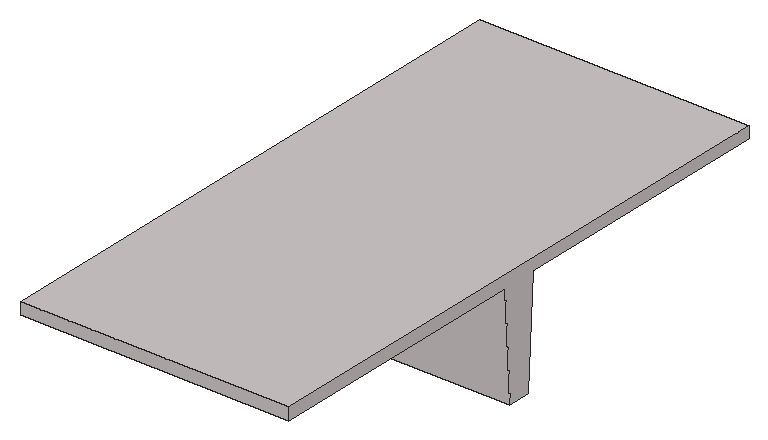
Revit family
Parameters (values of type "2400 x 500mm")
  Start Extension Calculation [instance] = 3012.5 mm + Start Extension  # 3000 mm
  Start Extension [instance] = -12.5 mm
  Keynote = "E"
  End Extension Calculation [instance] = 3012.5 mm + End Extension  # 3000 mm
  End Extension [instance] = -12.5 mm
  Beam Material [instance] = Concrete - Precast Concrete - 35 MPa
  Assembly Code = ""
  Depth = 500 mm
  Length [instance] = 1524 mm
  Slab Depth = 51 mm
  Stem Width = 95 mm
  Width = 2400 mm
Types (3, lengths in mm): name | Depth
  (no name) | 500
  2400 x 450mm | 450
  2400 x 500mm | 500
Reference planes
  plane 1 "Center (Front/Back)": y = 0
  plane 2: z = 0
  plane 3 "Center (Left/Right)": x = 4.61
  plane 4 "Member Left": x = -557.39
  plane 5 "Member Right": x = 566.61
  plane 6: y = 1200
  plane 7: y = -1200
  plane 8: z = 250
  plane 9 "Bottom": z = -250
  plane 10 "Left": x = -757.39
  plane 11 "Right": x = 766.61
  plane 12: x = -557.39
  plane 13: x = 566.61
  plane 14: x = 2442.61
  plane 15: x = -2433.39
Forms (mm)
  Sweep 1, solid, material "Concrete - Precast Concrete - 35 MPa" <- "Beam Material"
    path origin (0, 0, 0) x (1, 0, 0) y (0, 1, 0)
      loop
        line (566.61, 0) -> (-557.39, 0)
    profile "M_Single Tee-Profile : M_Single Tee-Profile" origin (4.61, 0, 0) x (0, -1, 0) y (0, 0, 1)
      loop
        line (-1200, 199) -> (-72.9, 199) -> (-47.5, -250) -> (47.5, -250) -> (72.9, 199) -> (1200, 199) -> (1200, 250) -> (-1200, 250) -> (-1200, 199)
Lines and regions (mm)
  symbolic lines, style "Hidden Faces", detail levels medium+fine
    curve 1: line (-557.39, -47.5, -250) -> (566.61, -47.5, -250)
    curve 2: line (-557.39, 47.5, -250) -> (566.61, 47.5, -250)
Dimensions and locks
  "Width": plane 6 to plane 7
  equal spacing: plane 9 "Bottom", plane 2, plane 8
  equal spacing: plane 6, plane 1 "Center (Front/Back)", plane 7
  "Depth": plane 9 "Bottom" to plane 8
  "Length": plane 10 "Left" to plane 11 "Right"
  "Stem Width": curve 1 to curve 2
  equal spacing: curve 1, plane 1 "Center (Front/Back)", curve 2
  locked: plane 4 "Member Left" to plane 14 at 3000
  locked: plane 15 to plane 5 "Member Right" at 3000
  "End Extension Calculation": plane 15 to plane 13
  "Start Extension Calculation": plane 12 to plane 14
  aligned and locked: plane 1 "Center (Front/Back)" to Sweep 1 sketch curve
  aligned and locked: plane 12 to Sweep 1 sketch curve
  aligned and locked: plane 13 to Sweep 1 sketch curve
  aligned and locked: curve 2 to curve 1
  aligned and locked: plane 13 to curve 2
  aligned and locked: plane 12 to curve 2
  aligned and locked: plane 12 to curve 1
